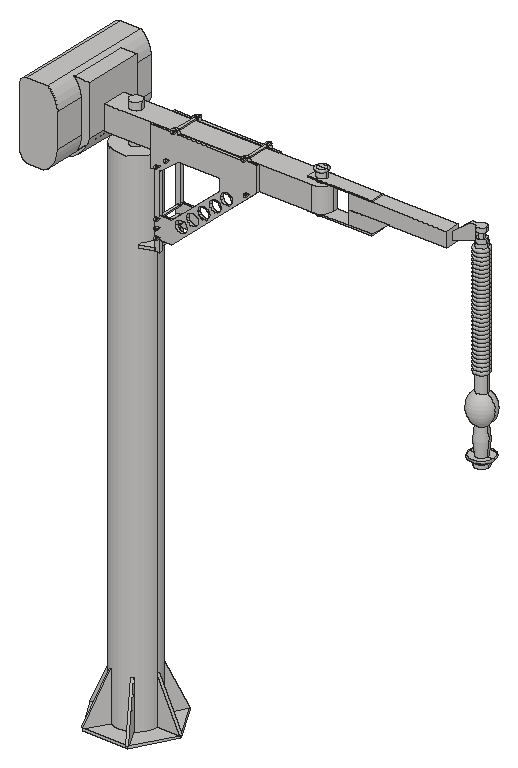
Revit family "Servo_Easy_Arm_Gorbel_EA-F", category Specialty Equipment, Revit 2023
Family settings
  Round Connector Dimension = Use Diameter
  Part Type = Normal
  OmniClass Number = 23.50.30.37.11
  OmniClass Title = Cranes
  Work Plane-Based = Yes
  Enable Cutting in Views = No
  Always vertical = No
  Cut with Voids When Loaded = No
  Maintain Annotation Orientation = No
  Shared = No
  Room Calculation Point = No
Parameters
  offset [instance] = 0' - 0"
  Warranty Duration (Years) = 0
  URL = "https://www.gorbel.com/Solutions/architectsandengineers.aspx"
  Test Data = "https://www.gorbel.com/Solutions/designstandards.aspx"
  Specification = "http://www.arcat.com/sd/clients/gorbel.html?coid=43076"
  SpecWizard = ""
  Span = 6' - 0"
  Send Message = "http://www.arcat.com/users.pl?action=UserEmail&company=Gorbel%20Inc.&coid=43076&rep=106&fax=800-828-1808&mf="
  Sec Angle = 180.00°
  Sales Information = "https://www.gorbel.com/About/HowToBuy.aspx"
  Revision = "R1_05-2011"
  Product Properties = "https://www.gorbel.com/Products.aspx"
  Product Data = "http://arcat.com/arcatcos/cos43/arc43076.html?isac=1&r=1"
  Prim Angle = 90.00°
  Post Height = HUH + 2' 10 3/8"  # 8' - 10 3/8"
  Model = "As Specified"
  Manufacturer Website = "https://www.gorbel.com/Solutions/architectsandengineers.aspx"
  Manufacturer Phone - Toll Free = "800-821-0086 "
  Manufacturer Phone = "585-924-6262 "
  Manufacturer Fax = "800-828-1808;585-924-6273"
  Manufacturer Address = "600 Fishers Run, Fishers, NY 14453\r\n"
  Manufacturer = "Gorbel Inc"
  Maintenance Schedule (Months) = 0
  Keynote = "14600"
  Installation-Fabrication = "https://www.gorbel.com/Media/brochures.aspx"
  Installation Phase = ""
  HUH = 6' - 0"
  Green Building-LEED = ""
  Fixture Material = Steel
  Expected Lifespan (Years) = 0
  Drawn By = "Sumex Design, Inc. / Robert S. Weygant, CSI, CDT, SCIP"
  Description = "Gorbel"
  Default Elevation = 4' - 0"
  Copyright = "©Arcat Inc."
  Construction Details = ""
  Capacity (Lbs) = 0.00 kip
  Assembly Code = "D1090300"
Reference planes (in)
  plane 1 "Center (Front/Back)": y = 0
  plane 2 "Bottom": z = 0
  plane 3 "Center (Left/Right)": x = 0
Forms (in)
  Extrusion 1, solid, material "Steel" <- "Fixture Material"
    sketch origin (0, 0, 0) x (1, 0, 0) y (0, 1, 0)
      loop
        circle (0, 0) r 4.5
    from 0 to 106.375
  Extrusion 2, solid, material "Steel" <- "Fixture Material"
    sketch origin (0, 0, 106.375) x (1, 0, 0) y (0, 1, 0)
      loop
        circle (0, 0) r 1.25
    from 0 to 8.0038
  Extrusion 3, solid, material "Steel" <- "Fixture Material"
    sketch origin (0, 0, 0) x (1, 0, 0) y (0, 1, 0)
      loop
        line (-4.6188, 8) -> (-9.2376, 0) -> (-4.6188, -8) -> (4.6188, -8) -> (9.2376, 0) -> (4.6188, 8) -> (-4.6188, 8)
    from 0 to 0.5
  Extrusion 4, solid, material "Steel" <- "Fixture Material"
    sketch origin (0, 0, 0) x (1, 0, 0) y (0, 0, 1)
      loop
        line (9.2376, 0.5) -> (4.4876, 10.5) -> (4.4876, 0.5) -> (9.2376, 0.5)
    from -0.25 to 0.25
  Extrusion 5, solid, material "Steel" <- "Fixture Material"
    sketch origin (0, 0, 0) x (0.5, -0.866025, 0) y (0, 0, 1)
      loop
        line (9.2376, 0.5) -> (4.4876, 10.5) -> (4.4876, 0.5) -> (9.2376, 0.5)
    from -0.25 to 0.25
  Extrusion 6, solid, material "Steel" <- "Fixture Material"
    sketch origin (0, 0, 0) x (0.5, 0.866025, 0) y (0, 0, 1)
      loop
        line (9.2376, 0.5) -> (4.4876, 10.5) -> (4.4876, 0.5) -> (9.2376, 0.5)
    from -0.25 to 0.25
  Extrusion 7, solid, material "Steel" <- "Fixture Material"
    sketch origin (0, 0, 0) x (-0.5, 0.866025, 0) y (0, 0, 1)
      loop
        line (9.2376, 0.5) -> (4.4876, 10.5) -> (4.4876, 0.5) -> (9.2376, 0.5)
    from -0.25 to 0.25
  Extrusion 8, solid, material "Steel" <- "Fixture Material"
    sketch origin (0, 0, 0) x (-1, 0, 0) y (0, 0, 1)
      loop
        line (9.2376, 0.5) -> (4.4876, 10.5) -> (4.4876, 0.5) -> (9.2376, 0.5)
    from -0.25 to 0.25
  Extrusion 9, solid, material "Steel" <- "Fixture Material"
    sketch origin (0, 0, 0) x (-0.5, -0.866025, 0) y (0, 0, 1)
      loop
        line (9.2376, 0.5) -> (4.4876, 10.5) -> (4.4876, 0.5) -> (9.2376, 0.5)
    from -0.25 to 0.25
Lines and regions (in)
  reference lines
    curve 1: line (0, 0, 0) -> (72, 0, 0)
Dimensions and locks (in)
  "HUH": nested 1 to curve 1
  "Post Height": Extrusion 1 to level
Automatic sketch dimensions
  curve 1 to level = 0' - 0"
  curve 1 to plane 3 "Center (Left/Right)" = 0' - 0"
  Extrusion 1 sketch curve to plane 1 "Center (Front/Back)" = 0' - 0"
  Extrusion 1 sketch curve to plane 3 "Center (Left/Right)" = 0' - 0"
  plane 3 "Center (Left/Right)" to curve 1 = 6' - 0"
  Extrusion 4 sketch curve to Extrusion 4 sketch curve = 0' - 4 3/4"
  Extrusion 4 sketch curve to Extrusion 4 sketch curve = 0' - 10"
  Extrusion 5 sketch curve to Extrusion 5 sketch curve = 0' - 4 3/4"
  Extrusion 5 sketch curve to Extrusion 5 sketch curve = 0' - 10"
  Extrusion 6 sketch curve to Extrusion 6 sketch curve = 0' - 4 3/4"
  Extrusion 6 sketch curve to Extrusion 6 sketch curve = 0' - 10"
  Extrusion 7 sketch curve to Extrusion 7 sketch curve = 0' - 4 3/4"
  Extrusion 7 sketch curve to Extrusion 7 sketch curve = 0' - 10"
  Extrusion 8 sketch curve to Extrusion 8 sketch curve = 0' - 4 3/4"
  Extrusion 8 sketch curve to Extrusion 8 sketch curve = 0' - 10"
  Extrusion 9 sketch curve to Extrusion 9 sketch curve = 0' - 4 3/4"
  Extrusion 9 sketch curve to Extrusion 9 sketch curve = 0' - 10"
  radius of Extrusion 1 sketch curve = 0' - 4 1/2"
  radius of Extrusion 2 sketch curve to Extrusion 1 = 0' - 3 1/4"
Nested families (in)
  nested 1: "Boom" at (0, 0, 72), type "Boom"
    with offset 0' - 0"
Definition of nested family "Boom"
  Parameters
    offset [instance] = 0' - 0"
    Warranty Duration (Years) = 0
    URL = "https://www.gorbel.com/Solutions/architectsandengineers.aspx"
    Test Data = "https://www.gorbel.com/Solutions/designstandards.aspx"
    Specification = "http://www.arcat.com/sd/clients/gorbel.html?coid=43076"
    SpecWizard = ""
    Span = 6' - 0"
    Send Message = "http://www.arcat.com/users.pl?action=UserEmail&company=Gorbel%20Inc.&coid=43076&rep=106&fax=800-828-1808&mf="
    Sec Angle = 180.00°
    Sales Information = "https://www.gorbel.com/About/HowToBuy.aspx"
    Revision = "R1_05-2011"
    Product Properties = "https://www.gorbel.com/Products.aspx"
    Product Data = "http://arcat.com/arcatcos/cos43/arc43076.html?isac=1&r=1"
    Prim Length = Span - A  # 3' - 2 41/256"
    Prim Angle = 90.00°
    Model = "As Specified"
    Manufacturer Website = "https://www.gorbel.com/Solutions/architectsandengineers.aspx"
    Manufacturer Phone - Toll Free = "800-821-0086 "
    Manufacturer Phone = "585-924-6262 "
    Manufacturer Fax = "800-828-1808;585-924-6273"
    Manufacturer Address = "600 Fishers Run, Fishers, NY 14453\r\n"
    Manufacturer = "Gorbel Inc"
    Maintenance Schedule (Months) = 0
    Keynote = "14600"
    Installation-Fabrication = "https://www.gorbel.com/Media/brochures.aspx"
    Installation Phase = ""
    Green Building-LEED = ""
    Fixture Material = none
    Expected Lifespan (Years) = 0
    Drawn By = "Sumex Design, Inc. / Robert S. Weygant, CSI, CDT, SCIP"
    Description = "Gorbel"
    Default Elevation = 4' - 0"
    Copyright = "©Arcat Inc."
    Construction Details = ""
    Assembly Code = "D1090300"
    A = if(Span = 6' 0", 2' 9 215/256", if(Span = 8' 0", 3' 9 31/256", if(Span = 10' 0", 4' 8 51/128", if(Span = 12' 0", 5' 7 87/128", 6' 6 123/128"))))  # 2' - 9 215/256"
  Reference planes (in)
    plane 1 "Center (Front/Back)": y = 0
    plane 2 "Bottom": z = 0
    plane 3 "Center (Left/Right)": x = 0
    plane 4: z = 36
  Forms (in)
    Extrusion 1, solid, material <- "Fixture Material"
      sketch origin (0, 0, 0) x (1, 0, 0) y (0, 1, 0)
        loop
          line (-4.65616, 2.5) -> (-4.65616, -2.5) -> (38.09399, -2.5)
          arc (38.09399, -2.5) -> (39.86176, -1.76777) -> (40.59399, 0) r 2.5
          arc (40.59399, 0) -> (39.86176, 1.76777) -> (38.09399, 2.5) r 2.5
          line (38.09399, 2.5) -> (-4.65616, 2.5)
        loop
          circle (38.16016, 0) r 1
      from 36 to 41
    Revolve 2, solid, material <- "Fixture Material"
      sketch origin (0, 0, 0) x (1, 0, 0) y (0, 0, 1)
        loop
          line (39.16016, 34.75) -> (39.16016, 42.875)
          arc (39.16016, 42.875) -> (39.39901, 43.06857) -> (39.16016, 43.26214) r 0.19786
          line (39.16016, 43.26214) -> (38.16016, 43.26214) -> (38.16016, 34.75) -> (39.16016, 34.75)
        axis (38.16016, 43.26214) -> (38.16016, 34.75)
      angle from 0 to 360
    Extrusion 3, solid, material <- "Fixture Material"
      sketch origin (38.16016, 0, 0) x (1, 0, 0) y (0, 1, 0)
        loop
          line (6.84, 1.5) -> (6.84, -1.5) -> (26.83984, -1.5) -> (26.83984, 1.5) -> (6.84, 1.5)
      from 38.5 to 41.5
    Extrusion 4, solid, material <- "Fixture Material"
      sketch origin (38.16016, 0, 0) x (1, 0, 0) y (0, 1, 0)
        loop
          line (11.40146, 1.5) -> (-1.59854, 1.5) -> (-1.59854, -1.5) -> (11.40146, -1.5) -> (11.40146, 1.5)
        loop
          circle (0, 0) r 1
      from 41.5 to 41.75
    Extrusion 5, solid, material <- "Fixture Material"
      sketch origin (38.16016, 0, 0) x (1, 0, 0) y (0, 1, 0)
        loop
          line (-1.59854, 1.5) -> (-1.59854, -1.5) -> (11.40146, -1.5) -> (11.40146, 1.5) -> (-1.59854, 1.5)
        loop
          circle (0, 0) r 1
      from 35.30123 to 35.55123
    Extrusion 6, solid, material <- "Fixture Material"
      sketch origin (38.16016, 0, 0) x (1, 0, 0) y (0, 0, 1)
        loop
          line (6.84, 38.5) -> (6.84, 35.55123) -> (11.40146, 35.55123) -> (15.04288, 38.5) -> (6.84, 38.5)
      from -1.5 to 1.5
    Revolve 7, solid, material <- "Fixture Material"
      sketch origin (38.16016, 0, 0) x (1, 0, 0) y (0, 0, 1)
        loop
          line (33.83984, 44) -> (32.83984, 44) -> (32.83984, 41.125) -> (33.83984, 41.125) -> (33.83984, 41.875) -> (33.33984, 41.875) -> (33.33984, 43.25) -> (33.83984, 43.25) -> (33.83984, 44)
        axis (32.83984, 41.125) -> (32.83984, 44)
      angle from 0 to 360
    Extrusion 8, solid, material <- "Fixture Material"
      sketch origin (38.16016, 0, 0) x (1, 0, 0) y (0, 0, 1)
        loop
          line (26.83984, 40.875) -> (26.83984, 39.125) -> (31.55155, 41.125) -> (32.08984, 41.125) -> (32.08984, 41.875) -> (31.83984, 41.875) -> (31.83984, 43.25) -> (32.08984, 43.25) -> (32.08984, 44) -> (30.85326, 44) -> (26.83984, 40.875)
      from -0.25 to 0.25
    Extrusion 9, solid, material <- "Fixture Material"
      sketch origin (0, 0, 0) x (1, 0, 0) y (0, 0, 1)
        loop
          line (7.25, 18) -> (7.25, 20.3) -> (9.75, 20.3) -> (27.25619, 36) -> (27.25619, 41) -> (25.5, 41)
          arc (25.5, 41) -> (24.75, 41.75) -> (24, 41) r 0.75
          line (24, 41) -> (11, 41)
          arc (11, 41) -> (10.25, 41.75) -> (9.5, 41) r 0.75
          line (9.5, 41) -> (5.5, 41) -> (5.5, 33) -> (6.25, 33) -> (6.25, 18) -> (7.25, 18)
        loop
          line (7.25, 33) -> (7.25, 24.7) -> (9.75, 24.7) -> (19.5, 33.44405) -> (19.5, 36) -> (11.1, 36) -> (7.25, 33)
        loop
          circle (6.75866, 33.70965) r 0.25
        loop
          circle (8.72574, 35.49115) r 0.25
        loop
          circle (6.75866, 20.6125) r 0.25
        loop
          circle (6.75866, 22.3625) r 0.25
        loop
          circle (6.75866, 24.1125) r 0.25
        loop
          circle (11.75188, 24.2687) r 1.25
        loop
          circle (14.08265, 26.35899) r 1.25
        loop
          circle (16.41343, 28.44929) r 1.25
        loop
          circle (18.7442, 30.53959) r 1.25
        loop
          circle (21.07498, 32.62989) r 1.25
        loop
          circle (25.11983, 34.93714) r 0.25
        loop
          circle (10.25, 41.34375) r 0.25
        loop
          circle (24.75, 41.34375) r 0.25
      from 2.5 to 3
    Extrusion 10, solid, material <- "Fixture Material"
      sketch origin (0, 0, 0) x (1, 0, 0) y (0, 0, 1)
        loop
          line (6.25, 33) -> (6.25, 18) -> (7.25, 18) -> (7.25, 20.3) -> (9.75, 20.3) -> (27.25619, 36) -> (27.25619, 41) -> (25.5, 41)
          arc (25.5, 41) -> (24.75, 41.75) -> (24, 41) r 0.75
          line (24, 41) -> (11, 41)
          arc (11, 41) -> (10.25, 41.75) -> (9.5, 41) r 0.75
          line (9.5, 41) -> (5.5, 41) -> (5.5, 33) -> (6.25, 33)
        loop
          circle (6.75866, 20.6125) r 0.25
        loop
          circle (6.75866, 22.3625) r 0.25
        loop
          circle (6.75866, 24.1125) r 0.25
        loop
          line (9.75, 24.7) -> (19.5, 33.44405) -> (19.5, 36) -> (11.1, 36) -> (7.25, 33) -> (7.25, 24.7) -> (9.75, 24.7)
        loop
          circle (11.75188, 24.2687) r 1.25
        loop
          circle (14.08265, 26.35899) r 1.25
        loop
          circle (16.41343, 28.44929) r 1.25
        loop
          circle (18.7442, 30.53959) r 1.25
        loop
          circle (21.07498, 32.62989) r 1.25
        loop
          circle (25.11983, 34.93714) r 0.25
        loop
          circle (6.75866, 33.70965) r 0.25
        loop
          circle (8.72574, 35.49115) r 0.25
        loop
          circle (24.75, 41.34375) r 0.25
        loop
          circle (10.25, 41.34375) r 0.25
      from -2.5 to -3
    Extrusion 11, solid, material <- "Fixture Material"
      sketch origin (0, 0, 0) x (1, 0, 0) y (0, 1, 0)
        loop
          line (6.25, 3) -> (3.68738, 3.84524) -> (3.68738, 3.09524)
          arc (3.68738, 3.09524) -> (4.639, 0) -> (3.68738, -3.09524) r 5.5096
          line (3.68738, -3.09524) -> (3.68738, -3.84524) -> (6.25, -3) -> (6.25, 3)
      from 18 to 18.5
    Extrusion 12, solid, material <- "Fixture Material"
      sketch origin (0, 0, 0) x (1, 0, 0) y (0, 0, 1)
        loop
          line (-4.65616, 36) -> (-4.65616, 46.42008) -> (-7.98457, 46.42008)
          arc (-7.98457, 46.42008) -> (-6.9708, 44.80481) -> (-6.5446, 42.946) r 5.71787
          line (-6.5446, 42.946) -> (-6.5446, 36)
          arc (-6.5446, 36) -> (-7.3061, 33.23055) -> (-9.37648, 31.23975) r 5.4168
          line (-9.37648, 31.23975) -> (-9.37648, 31.09004)
          arc (-9.37648, 31.09004) -> (-6.39309, 32.94586) -> (-4.65616, 36) r 7.1395
      from -6 to 6
    Extrusion 13, solid, material <- "Fixture Material"
      sketch origin (0, 0, 0) x (1, 0, 0) y (0, 0, 1)
        loop
          line (-6.5446, 36) -> (-6.5446, 42.946)
          arc (-6.5446, 42.946) -> (-7.1437, 45.18254) -> (-8.58059, 46.99814) r 5.71787
          line (-8.58059, 46.99814) -> (-12.83059, 46.99814)
          arc (-12.83059, 46.99814) -> (-13.83059, 46.58393) -> (-14.2448, 45.58393) r 1.41421
          line (-14.2448, 45.58393) -> (-14.2448, 33.48975)
          arc (-14.2448, 33.48975) -> (-13.58579, 31.89876) -> (-11.9948, 31.23975) r 2.25
          line (-11.9948, 31.23975) -> (-9.37648, 31.23975)
          arc (-9.37648, 31.23975) -> (-7.3061, 33.23055) -> (-6.5446, 36) r 5.4168
      from -12 to 12
    Extrusion 14, solid, material <- "Fixture Material"
      sketch origin (0, 0, 0) x (1, 0, 0) y (0, 0, 1)
        loop
          circle (10.25, 41.34375) r 0.25
        loop
          circle (24.75016, 41.34375) r 0.25
        loop
          circle (6.75866, 33.70965) r 0.25
        loop
          circle (8.72574, 35.49115) r 0.25
        loop
          circle (25.11999, 34.93714) r 0.25
        loop
          circle (6.75866, 20.6125) r 0.25
        loop
          circle (6.75866, 22.3625) r 0.25
        loop
          circle (6.75866, 24.1125) r 0.25
      from -3.5 to 3.5
    Revolve 15, solid, material <- "Fixture Material"
      sketch origin (38.16016, 0, 0) x (1, 0, 0) y (0, 0, 1)
        loop
          line (32.85572, 41.125) -> (32.85572, 0) -> (34.25722, 0) -> (34.25722, 0.59923) -> (33.75722, 0.59923) -> (33.75722, 1.625) -> (35.25722, 1.625)
          arc (35.25722, 1.625) -> (35.38222, 1.75) -> (35.25722, 1.875) r 0.125
          line (35.25722, 1.875) -> (34.00722, 1.875)
          arc (34.00722, 1.875) -> (34.23473, 4.75) -> (34.00722, 7.625) r 18.27912
          arc (34.00722, 7.625) -> (35.56011, 10.625) -> (34.00722, 13.625) r 3.67426
          line (34.00722, 13.625) -> (34.00722, 17.125)
          arc (34.00722, 17.125) -> (34.38222, 17.5) -> (34.00722, 17.875) r 0.375
          arc (34.00722, 17.875) -> (34.38222, 18.25) -> (34.00722, 18.625) r 0.375
          arc (34.00722, 18.625) -> (34.38222, 19) -> (34.00722, 19.375) r 0.375
          arc (34.00722, 19.375) -> (34.38222, 19.75) -> (34.00722, 20.125) r 0.375
          arc (34.00722, 20.125) -> (34.38222, 20.5) -> (34.00722, 20.875) r 0.375
          arc (34.00722, 20.875) -> (34.38222, 21.25) -> (34.00722, 21.625) r 0.375
          arc (34.00722, 21.625) -> (34.38222, 22) -> (34.00722, 22.375) r 0.375
          arc (34.00722, 22.375) -> (34.38222, 22.75) -> (34.00722, 23.125) r 0.375
          arc (34.00722, 23.125) -> (34.38222, 23.5) -> (34.00722, 23.875) r 0.375
          arc (34.00722, 23.875) -> (34.38222, 24.25) -> (34.00722, 24.625) r 0.375
          arc (34.00722, 24.625) -> (34.38222, 25) -> (34.00722, 25.375) r 0.375
          arc (34.00722, 25.375) -> (34.38222, 25.75) -> (34.00722, 26.125) r 0.375
          arc (34.00722, 26.125) -> (34.38222, 26.5) -> (34.00722, 26.875) r 0.375
          arc (34.00722, 26.875) -> (34.38222, 27.25) -> (34.00722, 27.625) r 0.375
          arc (34.00722, 27.625) -> (34.38222, 28) -> (34.00722, 28.375) r 0.375
          arc (34.00722, 28.375) -> (34.38222, 28.75) -> (34.00722, 29.125) r 0.375
          arc (34.00722, 29.125) -> (34.38222, 29.5) -> (34.00722, 29.875) r 0.375
          arc (34.00722, 29.875) -> (34.38222, 30.25) -> (34.00722, 30.625) r 0.375
          arc (34.00722, 30.625) -> (34.38222, 31) -> (34.00722, 31.375) r 0.375
          arc (34.00722, 31.375) -> (34.38222, 31.75) -> (34.00722, 32.125) r 0.375
          arc (34.00722, 32.125) -> (34.38222, 32.5) -> (34.00722, 32.875) r 0.375
          arc (34.00722, 32.875) -> (34.38222, 33.25) -> (34.00722, 33.625) r 0.375
          arc (34.00722, 33.625) -> (34.38222, 34) -> (34.00722, 34.375) r 0.375
          arc (34.00722, 34.375) -> (34.38222, 34.75) -> (34.00722, 35.125) r 0.375
          arc (34.00722, 35.125) -> (34.38222, 35.5) -> (34.00722, 35.875) r 0.375
          arc (34.00722, 35.875) -> (34.38222, 36.25) -> (34.00722, 36.625) r 0.375
          arc (34.00722, 36.625) -> (34.38222, 37) -> (34.00722, 37.375) r 0.375
          arc (34.00722, 37.375) -> (34.38222, 37.75) -> (34.00722, 38.125) r 0.375
          arc (34.00722, 38.125) -> (34.38222, 38.5) -> (34.00722, 38.875) r 0.375
          arc (34.00722, 38.875) -> (34.38222, 39.25) -> (34.00722, 39.625) r 0.375
          arc (34.00722, 39.625) -> (34.38222, 40) -> (34.00722, 40.375) r 0.375
          line (34.00722, 40.375) -> (34.00722, 41.125) -> (32.85572, 41.125)
        axis (32.85572, 41.125) -> (32.85572, 0)
      angle from 0 to 360
  Cuts and joins
    joined: Revolve 7, Extrusion 8
  Lines and regions (in)
    reference lines
      curve 1: line (0, 0, 0) -> (38.16016, 0, 0)
      curve 2: line (38.16016, 0, 0) -> (72, 0, 0)
  Dimensions and locks (in)
    "Prim Length": curve 1 to curve 1
    "A": curve 2 to curve 2
    Extrusion 1 sketch curve to Extrusion 1 sketch curve = 0' - 5"
    locked: Extrusion 14 sketch curve to Extrusion 14 sketch curve at 14.50016
    "Prim Angle": angle plane 3 "Center (Left/Right)" to curve 1
    "Sec Angle": angle curve 1 to curve 2
    aligned and locked: plane 1 "Center (Front/Back)" to curve 1
    aligned and locked: plane 3 "Center (Left/Right)" to curve 1
  Automatic sketch dimensions
    Extrusion 1 sketch curve to Extrusion 1 sketch curve = 0' - 0"  (x2)
    Extrusion 1 sketch curve to curve 1 = 0' - 0"  (x3)
    Extrusion 1 sketch curve to curve 1 = 0' - 0.06616"
    Extrusion 1 sketch curve to curve 1 = 0' - 4.65616"
    Revolve 2 sketch curve to curve 1 = 0' - 0"  (x2)
    curve 1 to Revolve 2 sketch curve = 2' - 7"
    curve 1 to Revolve 2 sketch curve = 2' - 10 3/4"
    curve 1 to Revolve 2 sketch curve = 3' - 5"
    curve 1 to Revolve 2 sketch curve = 0' - 1"
    Revolve 2 sketch curve to Revolve 2 sketch curve = 0' - 0"
    Revolve 2 sketch curve to Revolve 2 sketch curve = 0' - 0.04099"
    curve 1 to Revolve 2 sketch curve = 3' - 6 7/8"
    Revolve 2 sketch curve to Revolve 2 sketch curve = 0' - 0.19357"
    curve 2 to Extrusion 3 sketch curve = 0' - 1 1/2"
    curve 2 to Extrusion 3 sketch curve = 0' - 6.84"
    Extrusion 3 sketch curve to curve 2 = 0' - 7"
    Extrusion 3 sketch curve to curve 2 = 0' - 1 1/2"
    Extrusion 4 sketch curve to curve 2 = 0' - 1.59854"
    curve 2 to Extrusion 4 sketch curve = 0' - 1 1/2"
    curve 2 to Extrusion 4 sketch curve = 0' - 11.40146"
    Extrusion 4 sketch curve to curve 2 = 0' - 1 1/2"
    Extrusion 4 sketch curve to curve 2 = 0' - 0"  (x2)
    Extrusion 4 sketch curve to Extrusion 4 sketch curve = 0' - 1"
    Extrusion 5 sketch curve to curve 2 = 0' - 1.59854"
    curve 2 to Extrusion 5 sketch curve = 0' - 1 1/2"
    Extrusion 5 sketch curve to curve 2 = 0' - 1 1/2"
    curve 2 to Extrusion 5 sketch curve = 0' - 11.40146"
    Extrusion 5 sketch curve to curve 2 = 0' - 0"  (x2)
    Extrusion 5 sketch curve to Extrusion 5 sketch curve = 0' - 1"
    curve 2 to Extrusion 6 sketch curve = 0' - 6.84"
    Extrusion 6 sketch curve to Extrusion 6 sketch curve = 0' - 4.56146"
    Extrusion 6 sketch curve to Extrusion 6 sketch curve = 0' - 3.64143"
    curve 2 to Extrusion 6 sketch curve = 2' - 11.55123"
    Extrusion 6 sketch curve to Extrusion 6 sketch curve = 0' - 2.94877"
    Revolve 7 sketch curve to curve 2 = 0' - 0"  (x3)
    curve 2 to Revolve 7 sketch curve = 3' - 5 1/8"
    curve 2 to Revolve 7 sketch curve = 3' - 5 7/8"
    curve 2 to Revolve 7 sketch curve = 3' - 7 1/4"
    curve 2 to Revolve 7 sketch curve = 3' - 8"
    Revolve 7 sketch curve to curve 2 = 0' - 0 1/2"
    Revolve 7 sketch curve to curve 2 = 0' - 1"
    Revolve 7 sketch curve to Revolve 7 sketch curve = 0' - 0 1/2"
    Revolve 7 sketch curve to Revolve 7 sketch curve = 0' - 0 1/4"
    curve 2 to Revolve 7 sketch curve = 3' - 9 1/2"
    Extrusion 8 sketch curve to curve 2 = 0' - 7"
    Extrusion 8 sketch curve to curve 2 = 0' - 2.98658"
    Extrusion 8 sketch curve to curve 2 = 0' - 2.2883"
    Extrusion 8 sketch curve to Extrusion 8 sketch curve = 0' - 0.98658"
    Extrusion 8 sketch curve to Extrusion 8 sketch curve = 0' - 0.5383"
    Extrusion 8 sketch curve to Extrusion 8 sketch curve = 0' - 0 1/4"
    curve 2 to Extrusion 8 sketch curve = 3' - 3 1/8"
    Extrusion 8 sketch curve to Extrusion 8 sketch curve = 0' - 1 3/4"
    curve 2 to Extrusion 8 sketch curve = 3' - 5 1/8"
    Extrusion 8 sketch curve to Extrusion 8 sketch curve = 0' - 0 3/4"  (x2)
    Extrusion 8 sketch curve to Extrusion 8 sketch curve = 0' - 1 3/8"
    curve 1 to Extrusion 9 sketch curve = 0' - 5 1/2"
    Extrusion 9 sketch curve to Extrusion 9 sketch curve = 0' - 0 3/4"  (x3)
    Extrusion 9 sketch curve to Extrusion 9 sketch curve = 0' - 0.50866"  (x3)
    Extrusion 9 sketch curve to Extrusion 9 sketch curve = 0' - 0"  (x4)
    Extrusion 9 sketch curve to Extrusion 9 sketch curve = 0' - 0.49134"  (x2)
    Extrusion 9 sketch curve to Extrusion 9 sketch curve = 0' - 1.96708"
    Extrusion 9 sketch curve to Extrusion 9 sketch curve = 0' - 2 1/2"  (x2)
    Extrusion 9 sketch curve to Extrusion 9 sketch curve = 0' - 4"
    Extrusion 9 sketch curve to Extrusion 9 sketch curve = 0' - 2.00188"
    Extrusion 9 sketch curve to Extrusion 9 sketch curve = 0' - 2.37426"
    Extrusion 9 sketch curve to Extrusion 9 sketch curve = 0' - 2.33077"  (x3)
    Extrusion 9 sketch curve to Extrusion 9 sketch curve = 0' - 0.7558"
    Extrusion 9 sketch curve to Extrusion 9 sketch curve = 0' - 1.57498"
    Extrusion 9 sketch curve to Extrusion 9 sketch curve = 0' - 4 1/2"
    Extrusion 9 sketch curve to Extrusion 9 sketch curve = 0' - 4.04485"
    Extrusion 9 sketch curve to Extrusion 9 sketch curve = 0' - 1.75619"
    curve 1 to Extrusion 9 sketch curve = 1' - 6"
    Extrusion 9 sketch curve to Extrusion 9 sketch curve = 0' - 2.3"
    Extrusion 9 sketch curve to Extrusion 9 sketch curve = 0' - 0 5/16"
    Extrusion 9 sketch curve to Extrusion 9 sketch curve = 0' - 1 3/4"  (x2)
    Extrusion 9 sketch curve to Extrusion 9 sketch curve = 0' - 0.1562"
    Extrusion 9 sketch curve to Extrusion 9 sketch curve = 0' - 0.4313"
    Extrusion 9 sketch curve to Extrusion 9 sketch curve = 0' - 2.0903"  (x4)
    curve 1 to Extrusion 9 sketch curve = 2' - 9"
    Extrusion 9 sketch curve to Extrusion 9 sketch curve = 0' - 0.81416"
    Extrusion 9 sketch curve to Extrusion 9 sketch curve = 0' - 0.70965"
    Extrusion 9 sketch curve to Extrusion 9 sketch curve = 0' - 2.30725"
    Extrusion 9 sketch curve to Extrusion 9 sketch curve = 0' - 1.7815"
    Extrusion 9 sketch curve to Extrusion 9 sketch curve = 0' - 1.06286"
    Extrusion 9 sketch curve to Extrusion 9 sketch curve = 0' - 0.50885"
    curve 1 to Extrusion 9 sketch curve = 3' - 5"
    Extrusion 9 sketch curve to Extrusion 9 sketch curve = 0' - 0 11/32"  (x2)
    curve 1 to Extrusion 10 sketch curve = 0' - 5 1/2"
    Extrusion 10 sketch curve to Extrusion 10 sketch curve = 0' - 0 3/4"  (x3)
    Extrusion 10 sketch curve to Extrusion 10 sketch curve = 0' - 0.25866"  (x3)
    Extrusion 10 sketch curve to Extrusion 10 sketch curve = 0' - 0"  (x2)
    Extrusion 10 sketch curve to Extrusion 10 sketch curve = 0' - 0 1/4"  (x10)
    Extrusion 10 sketch curve to Extrusion 10 sketch curve = 0' - 0.24134"  (x2)
    Extrusion 10 sketch curve to Extrusion 10 sketch curve = 0' - 1.46708"
    Extrusion 10 sketch curve to Extrusion 10 sketch curve = 0' - 2 1/2"  (x2)
    Extrusion 10 sketch curve to Extrusion 10 sketch curve = 0' - 0.75188"
    Extrusion 10 sketch curve to Extrusion 10 sketch curve = 0' - 1 1/4"  (x5)
    Extrusion 10 sketch curve to Extrusion 10 sketch curve = 0' - 2.12426"
    Extrusion 10 sketch curve to Extrusion 10 sketch curve = 0' - 0.16923"  (x3)
    Extrusion 10 sketch curve to Extrusion 10 sketch curve = 0' - 0.4942"
    Extrusion 10 sketch curve to Extrusion 10 sketch curve = 0' - 0.32498"
    Extrusion 10 sketch curve to Extrusion 10 sketch curve = 0' - 2.54485"
    Extrusion 10 sketch curve to Extrusion 10 sketch curve = 0' - 1.88636"
    curve 1 to Extrusion 10 sketch curve = 1' - 6"
    Extrusion 10 sketch curve to Extrusion 10 sketch curve = 0' - 2.3"
    Extrusion 10 sketch curve to Extrusion 10 sketch curve = 0' - 0 5/16"
    Extrusion 10 sketch curve to Extrusion 10 sketch curve = 0' - 1 3/4"  (x2)
    Extrusion 10 sketch curve to Extrusion 10 sketch curve = 0' - 3.9687"
    Extrusion 10 sketch curve to Extrusion 10 sketch curve = 0' - 0.4313"
    Extrusion 10 sketch curve to Extrusion 10 sketch curve = 0' - 2.0903"  (x4)
    Extrusion 10 sketch curve to Extrusion 10 sketch curve = 0' - 0.81416"
    Extrusion 10 sketch curve to Extrusion 10 sketch curve = 0' - 0.70965"
    Extrusion 10 sketch curve to Extrusion 10 sketch curve = 0' - 2.30725"
    Extrusion 10 sketch curve to Extrusion 10 sketch curve = 0' - 1.7815"
    Extrusion 10 sketch curve to Extrusion 10 sketch curve = 0' - 2.55595"
    Extrusion 10 sketch curve to Extrusion 10 sketch curve = 0' - 0.50885"
    Extrusion 10 sketch curve to Extrusion 10 sketch curve = 0' - 1.06286"
    Extrusion 10 sketch curve to Extrusion 10 sketch curve = 0' - 5"
    Extrusion 10 sketch curve to Extrusion 10 sketch curve = 0' - 0.1"
    Extrusion 10 sketch curve to Extrusion 10 sketch curve = 0' - 3.25619"
    Extrusion 10 sketch curve to Extrusion 10 sketch curve = 0' - 0 11/32"  (x2)
    Extrusion 11 sketch curve to curve 1 = 0' - 0"
    Extrusion 11 sketch curve to curve 1 = 0' - 0.8706"
    curve 1 to Extrusion 11 sketch curve = 0' - 3.68738"  (x2)
    Extrusion 11 sketch curve to Extrusion 11 sketch curve = 0' - 2.56262"
    curve 1 to Extrusion 11 sketch curve = 0' - 3"
    Extrusion 11 sketch curve to Extrusion 11 sketch curve = 0' - 0.09524"  (x2)
    Extrusion 11 sketch curve to Extrusion 11 sketch curve = 0' - 0 3/4"  (x2)
    Extrusion 12 sketch curve to curve 1 = 1' - 0.25291"
    Extrusion 12 sketch curve to Extrusion 12 sketch curve = 0' - 0.29151"
    Extrusion 12 sketch curve to Extrusion 12 sketch curve = 0' - 0.42151"
    Extrusion 12 sketch curve to Extrusion 12 sketch curve = 0' - 2.58492"
    Extrusion 12 sketch curve to Extrusion 12 sketch curve = 0' - 4.26834"
    Extrusion 12 sketch curve to Extrusion 12 sketch curve = 0' - 4.99529"
    Extrusion 12 sketch curve to Extrusion 12 sketch curve = 0' - 3.3284"
    curve 1 to Extrusion 12 sketch curve = 2' - 7.09004"
    Extrusion 12 sketch curve to Extrusion 12 sketch curve = 0' - 0.14971"
    Extrusion 12 sketch curve to Extrusion 12 sketch curve = 0' - 0"
    Extrusion 12 sketch curve to Extrusion 12 sketch curve = 0' - 4.72156"
    Extrusion 12 sketch curve to Extrusion 12 sketch curve = 0' - 0.33057"
    Extrusion 13 sketch curve to curve 1 = 1' - 2.2448"
    Extrusion 13 sketch curve to Extrusion 13 sketch curve = 0' - 1.41421"
    Extrusion 13 sketch curve to Extrusion 13 sketch curve = 0' - 0.57768"
    Extrusion 13 sketch curve to Extrusion 13 sketch curve = 0' - 2 1/4"
    Extrusion 13 sketch curve to Extrusion 13 sketch curve = 0' - 0.0334"
    Extrusion 13 sketch curve to Extrusion 13 sketch curve = 0' - 2.61832"
    Extrusion 13 sketch curve to Extrusion 13 sketch curve = 0' - 4 1/4"
    Extrusion 13 sketch curve to Extrusion 13 sketch curve = 0' - 2.03599"
    curve 1 to Extrusion 13 sketch curve = 2' - 7.23975"
    Extrusion 13 sketch curve to Extrusion 13 sketch curve = 0' - 6.61543"
    Extrusion 13 sketch curve to Extrusion 13 sketch curve = 0' - 0.33057"
    curve 1 to Extrusion 14 sketch curve = 0' - 10"
    Extrusion 14 sketch curve to Extrusion 14 sketch curve = 0' - 0 1/4"  (x8)
    curve 1 to Extrusion 14 sketch curve = 3' - 5 11/32"  (x2)
    curve 1 to Extrusion 14 sketch curve = 0' - 7.00866"
    curve 1 to Extrusion 14 sketch curve = 2' - 9.70965"
    Extrusion 14 sketch curve to Extrusion 14 sketch curve = 0' - 1.46708"
    Extrusion 14 sketch curve to Extrusion 14 sketch curve = 0' - 1.7815"
    Extrusion 14 sketch curve to Extrusion 14 sketch curve = 0' - 0.11983"
    Extrusion 14 sketch curve to Extrusion 14 sketch curve = 0' - 6.40661"
    curve 1 to Extrusion 14 sketch curve = 0' - 6.50866"
    curve 1 to Extrusion 14 sketch curve = 1' - 8.6125"
    Extrusion 14 sketch curve to Extrusion 14 sketch curve = 0' - 0"  (x2)
    Extrusion 14 sketch curve to Extrusion 14 sketch curve = 0' - 1 3/4"  (x2)
    Revolve 15 sketch curve to curve 2 = 0' - 0"
    Revolve 15 sketch curve to curve 2 = 0' - 4 3/4"
    curve 2 to Revolve 15 sketch curve = 1' - 3.95561"
    Revolve 15 sketch curve to curve 2 = 0' - 1.954"
    Revolve 15 sketch curve to curve 2 = 0' - 0.98412"  (x2)
    Revolve 15 sketch curve to curve 2 = 0' - 0.08263"
    curve 2 to Revolve 15 sketch curve = 0' - 0.16737"  (x31)
    Revolve 15 sketch curve to Revolve 15 sketch curve = 0' - 0"  (x33)
    curve 2 to Revolve 15 sketch curve = 0' - 0.41737"
    Revolve 15 sketch curve to Revolve 15 sketch curve = 0' - 1 1/4"
    curve 2 to Revolve 15 sketch curve = 0' - 0.59923"
    curve 2 to Revolve 15 sketch curve = 0' - 1 5/8"
    Revolve 15 sketch curve to Revolve 15 sketch curve = 0' - 0 1/8"
    curve 2 to Revolve 15 sketch curve = 0' - 10 5/8"
    curve 2 to Revolve 15 sketch curve = 1' - 5 1/8"  (x2)
    curve 2 to Revolve 15 sketch curve = 1' - 5 1/2"
    curve 2 to Revolve 15 sketch curve = 1' - 6 1/4"
    curve 2 to Revolve 15 sketch curve = 1' - 7"
    curve 2 to Revolve 15 sketch curve = 1' - 7 3/4"
    curve 2 to Revolve 15 sketch curve = 1' - 8 1/2"
    curve 2 to Revolve 15 sketch curve = 1' - 9 1/4"
    curve 2 to Revolve 15 sketch curve = 1' - 10"
    curve 2 to Revolve 15 sketch curve = 1' - 10 3/4"
    curve 2 to Revolve 15 sketch curve = 1' - 11 1/2"
    curve 2 to Revolve 15 sketch curve = 2' - 0 1/4"
    curve 2 to Revolve 15 sketch curve = 2' - 1"
    curve 2 to Revolve 15 sketch curve = 2' - 1 3/4"
    curve 2 to Revolve 15 sketch curve = 2' - 2 1/2"
    curve 2 to Revolve 15 sketch curve = 2' - 3 1/4"
    curve 2 to Revolve 15 sketch curve = 2' - 4"
    curve 2 to Revolve 15 sketch curve = 2' - 4 3/4"
    curve 2 to Revolve 15 sketch curve = 2' - 5 1/2"
    curve 2 to Revolve 15 sketch curve = 2' - 6 1/4"
    curve 2 to Revolve 15 sketch curve = 2' - 7"
    curve 2 to Revolve 15 sketch curve = 2' - 7 3/4"
    curve 2 to Revolve 15 sketch curve = 2' - 8 1/2"
    curve 2 to Revolve 15 sketch curve = 2' - 9 1/4"
    curve 2 to Revolve 15 sketch curve = 2' - 10"
    curve 2 to Revolve 15 sketch curve = 2' - 10 3/4"
    curve 2 to Revolve 15 sketch curve = 2' - 11 1/2"
    curve 2 to Revolve 15 sketch curve = 3' - 0 1/4"
    curve 2 to Revolve 15 sketch curve = 3' - 1"
    curve 2 to Revolve 15 sketch curve = 3' - 1 3/4"
    curve 2 to Revolve 15 sketch curve = 3' - 2 1/2"
    curve 2 to Revolve 15 sketch curve = 3' - 3 1/4"
    curve 2 to Revolve 15 sketch curve = 3' - 4"
    curve 2 to Revolve 15 sketch curve = 3' - 5 1/8"
    radius of Extrusion 1 sketch curve = 0' - 1"
    radius of Extrusion 9 sketch curve = 0' - 0 1/4"  (x8)
    radius of Extrusion 9 sketch curve = 0' - 1 1/4"  (x5)
